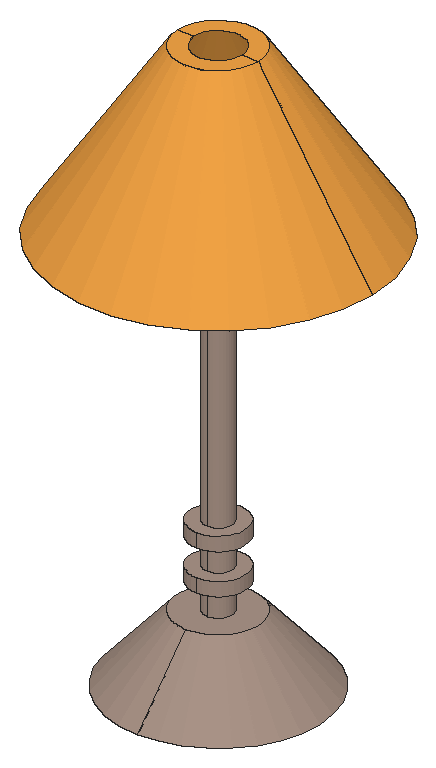
Revit family
Parameters (values of type "200 Watts")
  Wattage Comments = "200"
  Wattage = 200 W
  built-in parameter 1150110 = 1 (stored number, unit not read)
  built-in parameter 1114217 = 1 (stored number, unit not read)
  built-in parameter 1150109 = 1 (stored number, unit not read)
  built-in parameter 1150134 = 4
  built-in parameter 1150113 = 1 (stored number, unit not read)
  built-in parameter 1150105 = 190.99 (stored number, unit not read)
  Lumens = 2400 lm
  Material of Lamp Shade = Lamp Shade Material
  built-in parameter 1150115 = 1 (stored number, unit not read)
  Light Source Symbol Size = 609.6 mm
  built-in parameter 1150137 = (empty or 0)
  built-in parameter 1150139 = (empty or 0)
  built-in parameter 1150112 = 1 (stored number, unit not read)
  built-in parameter 1150114 = 1 (stored number, unit not read)
  Lamp = "TL-1"
  built-in parameter 1150132 = (empty or 0)
  built-in parameter 1150102 = (empty or 0)
  built-in parameter 1150107 = 2800 (stored number, unit not read)
  built-in parameter 1150138 = (empty or 0)
  built-in parameter 1150106 = 1.9099 (stored number, unit not read)
  Height [instance] = 750 mm
  Material of Lamp Base = Lamp Base Material
  built-in parameter 1150104 = 1.1148 (stored number, unit not read)
  Dimming Lamp Color Temperature Shift = (empty or 0)
  Color Filter = 16777215
  built-in parameter 1114218 = 1 (stored number, unit not read)
  built-in parameter 1150133 = 10 (stored number, unit not read)
Types (3, lengths in mm): name | Wattage Comments | Wattage | built-in parameter 1150105 | Lumens | built-in parameter 1150106
  (no name) | "200" | 200 W | 190.99 (stored number, unit not read) | 2400 lm | 1.9099 (stored number, unit not read)
  200 Watts | "200" | 200 W | 190.99 (stored number, unit not read) | 2400 lm | 1.9099 (stored number, unit not read)
  400 Watts | "400" | 400 W | 381.97 (stored number, unit not read) | 4800 lm | 3.8197 (stored number, unit not read)
Reference planes
  plane 1 "Light Source Axis (F/B)": y = 0
  plane 2: z = 0
  plane 3 "Light Source Axis (L/R)": x = 0
  plane 4 "Light Source Elevation": z = 1110
  plane 5: z = 750
  plane 6: x = -115
  plane 7: x = 115
  plane 8: y = 114.997
  plane 9: y = -114.999
  plane 10: z = 1175
  plane 11: x = 30
  plane 12: x = -30
  plane 13: z = 1050
Forms (mm)
  Blend 1, solid, material "Lamp Base Material" <- "Material of Lamp Base"
    base sketch origin (0, 0, 750) x (0, -1, 0) y (1, 0, 0)
      loop
        circle (0, 0) r 75
    top sketch origin (0, 0, 750) x (0, -1, 0) y (1, 0, 0)
      loop
        circle (0, 0) r 30
    from 0 to 50
  Extrusion 2, solid, material "Lamp Base Material" <- "Material of Lamp Base"
    sketch origin (0, 0, 750) x (0, -1, 0) y (-1, 0, 0)
      loop
        circle (0, 0) r 10
    from -50 to -70
  Extrusion 3, solid, material "Lamp Base Material" <- "Material of Lamp Base"
    sketch origin (0, 0, 750) x (0, -1, 0) y (-1, 0, 0)
      loop
        circle (0, 0) r 20
    from -70 to -80
  Extrusion 4, solid, material "Lamp Base Material" <- "Material of Lamp Base"
    sketch origin (0, 0, 750) x (0, -1, 0) y (-1, 0, 0)
      loop
        circle (0, 0) r 10
    from -80 to -100
  Extrusion 5, solid, material "Lamp Base Material" <- "Material of Lamp Base"
    sketch origin (0, 0, 750) x (0, -1, 0) y (-1, 0, 0)
      loop
        circle (0, 0) r 20
    from -100 to -110
  Extrusion 6, solid, material "Lamp Base Material" <- "Material of Lamp Base"
    sketch origin (0, 0, 750) x (0, -1, 0) y (-1, 0, 0)
      loop
        circle (0, 0) r 10
    from -110 to -300
  Revolve 7, solid, material "Lamp Shade Material" <- "Material of Lamp Shade"
    sketch origin (0, 0, 0) x (1, 0, 0) y (0, 0, 1)
      loop
        line (17.907, 1175) -> (102.907, 1050) -> (115, 1050) -> (30, 1175) -> (17.907, 1175)
      axis (0, 1050) -> (0, 1175)
    angle from 0 to 360
Dimensions and locks
  "Height": plane 5 to plane 2
  locked: plane 4 "Light Source Elevation" to plane 5 at 360
  plane 6 to plane 7 = 230 mm
  plane 9 to plane 8 = 229.997 mm
  locked: plane 13 to plane 5 at 300
  locked: plane 10 to plane 13 at 125
  aligned and locked: Extrusion 3 to Extrusion 2
  aligned and locked: Extrusion 4 to Extrusion 3
  aligned and locked: Extrusion 5 to Extrusion 4
  aligned and locked: Extrusion 6 to Extrusion 5
  aligned and locked: plane 13 to Revolve 7 sketch curve
  aligned and locked: plane 3 "Light Source Axis (L/R)" to imposter light
  aligned and locked: plane 1 "Light Source Axis (F/B)" to imposter light
  aligned and locked: plane 4 "Light Source Elevation" to imposter light
Automatic sketch dimensions
  Blend 1 sketch curve to plane 1 "Light Source Axis (F/B)" = 0 mm  (x2)
  Blend 1 sketch curve to plane 3 "Light Source Axis (L/R)" = 0 mm  (x2)
  Extrusion 2 sketch curve to plane 1 "Light Source Axis (F/B)" = 0 mm
  Extrusion 2 sketch curve to plane 3 "Light Source Axis (L/R)" = 0 mm
  Extrusion 3 sketch curve to plane 1 "Light Source Axis (F/B)" = 0 mm
  Extrusion 3 sketch curve to plane 3 "Light Source Axis (L/R)" = 0 mm
  Extrusion 4 sketch curve to plane 1 "Light Source Axis (F/B)" = 0 mm
  Extrusion 4 sketch curve to plane 3 "Light Source Axis (L/R)" = 0 mm
  Extrusion 5 sketch curve to plane 1 "Light Source Axis (F/B)" = 0 mm
  Extrusion 5 sketch curve to plane 3 "Light Source Axis (L/R)" = 0 mm
  Extrusion 6 sketch curve to plane 1 "Light Source Axis (F/B)" = 0 mm
  Extrusion 6 sketch curve to plane 3 "Light Source Axis (L/R)" = 0 mm
  Revolve 7 sketch curve to plane 3 "Light Source Axis (L/R)" = 0 mm
  Revolve 7 sketch curve to plane 10 = 0 mm
  Revolve 7 sketch curve to plane 11 = 0 mm
  Revolve 7 sketch curve to plane 7 = 0 mm
  Revolve 7 sketch curve to Revolve 7 sketch curve = 12.093 mm  (x2)
  Revolve 7 sketch curve to plane 13 = 90 mm
  plane 10 to Revolve 7 sketch curve = 75 mm
  radius of Blend 1 sketch curve = 75 mm
  radius of Blend 1 sketch curve = 30 mm
  radius of Extrusion 2 sketch curve = 10 mm
  radius of Extrusion 3 sketch curve = 20 mm
  radius of Extrusion 4 sketch curve = 10 mm
  radius of Extrusion 5 sketch curve = 20 mm
  radius of Extrusion 6 sketch curve = 10 mm
